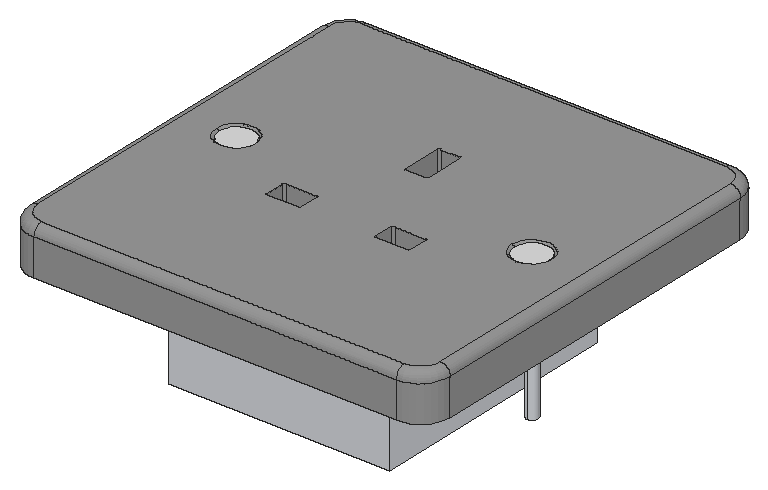
Revit family "ElectricalFixture_WiringAccessories_Hager_Sollysta_WMS81", category Electrical Fixtures, host Face, Revit 2015
Parameters (values of type "WMS81")
  Warranty ID = ""
  Voltage (Volts) = "230V/240V"
  Unique Reference = "WMS81"
  Type = "ElectricalFixture"
  Technical Description = "13A1GangUnswitchedSocket"
  Switch = no
  Supply Phase = "1"
  Size = ""
  Shipping Weight kg = "0.188"
  Shape = "Rectangular"
  Reference Standard = "BS 1363-2"
  Product URL = "http://www.hager.co.uk/product-catalogue/wiring-accessories/sollysta/white-moulded/white-moulded-sockets/58428.htm"
  Product Range = "Sollysta"
  Product Model Number = "WMS81"
  Product Literature = "http://www.hager.co.uk/product-catalogue/wiring-accessories/sollysta/38662.htm"
  Product Group = "WiringAccessories"
  Product Family = "WhiteMouldedSockets_UnswitchedSockets"
  Packaging Recyclable = yes
  Overall Width = 0.0 mm
  Overall Length = 86.0 mm
  Overall Height = 86.0 mm
  Overall Depth = 26.07 mm
  Operation and Maintenance Manual = ""
  Name = "WhiteMouldedSocket_WMS81"
  Measurement Units = "mm"
  Material = Urea Formaldehyde Thermoset Plastic
  Manufacturer Website = "http://www.hager.co.uk/"
  Manufacturer Country = "United Kingdom"
  Manufacturer = "Hager"
  LED Indicator Switch = yes
  Gross Weight kg = "0.165"
  Frequency = "50/60Hz"
  Finish = "Gloss"
  Features = "13A1GangUnswitchedSocket"
  Extrusion From Wall = 11.921 mm
  Expected Life = "25 years"
  EAN Code = "5015652261049"
  Design Country = "China"
  Description = "13A1GangUnswitchedSocket"
  Default Elevation = 1219.2 mm
  Colour = "SollystaWhite"
  CE Approval = yes
Reference planes
  plane 1 "Center (Front/Back)": y = 0
  plane 2: z = 0
  plane 3 "Center (Left/Right)": x = 0
  plane 4: y = -43
  plane 5: y = 43
  plane 6: x = -137
  plane 7: x = -51
  plane 8: z = 9.47
  plane 9: z = -16.6
  plane 10: z = 11.921
  plane 11: y = -471.393
  plane 12: z = -20.53
  plane 13: x = -124.15
  plane 14: x = -63.85
  plane 15: x = -93.992
Forms (mm)
  Extrusion 1, solid, material "Urea Formaldehyde Thermoset Plastic", detail levels fine
    sketch origin (0, 0, 0) x (1, 0, 0) y (0, 1, 0)
      loop
        arc (-137, -37.005) -> (-135.244, -41.244) -> (-131.005, -43) r 5.995
        line (-131.005, -43) -> (-57.017, -43)
        arc (-57.017, -43) -> (-52.762, -41.238) -> (-51, -36.983) r 6.017
        line (-51, -36.983) -> (-51, 37.035)
        arc (-51, 37.035) -> (-52.747, 41.253) -> (-56.965, 43) r 5.965
        line (-56.965, 43) -> (-131.018, 43)
        arc (-131.018, 43) -> (-135.248, 41.248) -> (-137, 37.018) r 5.982
        line (-137, 37.018) -> (-137, -37.005)
      loop
        line (-108.755, -7.762) -> (-108.755, -11.51)
        arc (-108.755, -11.51) -> (-108.609, -11.862) -> (-108.256, -12.008) r 0.499
        line (-108.256, -12.008) -> (-102.115, -12.008)
        arc (-102.115, -12.008) -> (-101.738, -11.852) -> (-101.582, -11.476) r 0.532
        line (-101.582, -11.476) -> (-101.582, -7.736)
        arc (-101.582, -7.736) -> (-101.733, -7.371) -> (-102.097, -7.221) r 0.515
        line (-102.097, -7.221) -> (-108.213, -7.221)
        arc (-108.213, -7.221) -> (-108.596, -7.379) -> (-108.755, -7.762) r 0.542
      loop
        line (-86.537, -7.762) -> (-86.537, -11.51)
        arc (-86.537, -11.51) -> (-86.391, -11.862) -> (-86.038, -12.008) r 0.499
        line (-86.038, -12.008) -> (-79.897, -12.008)
        arc (-79.897, -12.008) -> (-79.52, -11.852) -> (-79.364, -11.476) r 0.532
        line (-79.364, -11.476) -> (-79.364, -7.736)
        arc (-79.364, -7.736) -> (-79.515, -7.371) -> (-79.879, -7.221) r 0.515
        line (-79.879, -7.221) -> (-85.995, -7.221)
        arc (-85.995, -7.221) -> (-86.378, -7.379) -> (-86.537, -7.762) r 0.542
      loop
        line (-96.479, 16.483) -> (-96.479, 8.628)
        arc (-96.479, 8.628) -> (-96.333, 8.274) -> (-95.979, 8.127) r 0.501
        line (-95.979, 8.127) -> (-92.265, 8.127)
        arc (-92.265, 8.127) -> (-91.882, 8.286) -> (-91.724, 8.669) r 0.542
        line (-91.724, 8.669) -> (-91.724, 16.48)
        arc (-91.724, 16.48) -> (-91.871, 16.835) -> (-92.225, 16.982) r 0.502
        line (-92.225, 16.982) -> (-95.981, 16.982)
        arc (-95.981, 16.982) -> (-96.333, 16.836) -> (-96.479, 16.483) r 0.499
      loop
        circle (-124.15, 0) r 3.228
      loop
        circle (-63.85, 0) r 3.228
    from 0 to 9.47
  Sweep 2, void
    path origin (0, 0, 0) x (1, 0, 0) y (0, 1, 0)
      loop
        line (-137, 37.018) -> (-137, -37.005)
        arc (-137, -37.005) -> (-135.244, -41.244) -> (-131.005, -43) r 5.995
        line (-131.005, -43) -> (-57.017, -43)
        arc (-57.017, -43) -> (-52.762, -41.238) -> (-51, -36.983) r 6.017
        line (-51, -36.983) -> (-51, 37.035)
        arc (-51, 37.035) -> (-52.747, 41.253) -> (-56.965, 43) r 5.965
        line (-56.965, 43) -> (-131.018, 43)
        arc (-131.018, 43) -> (-135.248, 41.248) -> (-137, 37.018) r 5.982
    profile origin (-137, 0.007, 0) x (1, 0, 0) y (0, 0, 1)
      loop
        line (0, 9.47) -> (0, 7.462)
        arc (0, 7.462) -> (0.588, 8.882) -> (2.008, 9.47) r 2.008
        line (2.008, 9.47) -> (0, 9.47)
  Sweep 3, void
    path origin (0, 0, 0) x (1, 0, 0) y (0, 1, 0)
      loop
        circle (-63.85, 0) r 3.228
    profile origin (-63.85, 3.228, 0) x (0, -1, 0) y (0, 0, 1)
      loop
        line (0, 9.47) -> (-0.814, 9.47)
        arc (-0.814, 9.47) -> (-0.347, 9.123) -> (0, 8.656) r 2
        line (0, 8.656) -> (0, 9.47)
  Sweep 4, void
    path origin (0, 0, 0) x (1, 0, 0) y (0, 1, 0)
      loop
        circle (-124.15, 0) r 3.228
    profile origin (-124.15, 3.228, 0) x (0, 1, 0) y (0, 0, 1)
      loop
        line (0, 9.47) -> (0, 8.656)
        arc (0, 8.656) -> (0.346, 9.124) -> (0.814, 9.47) r 1.964
        line (0.814, 9.47) -> (0, 9.47)
  Extrusion 5, solid, material "Steel, Chrome Plated", detail levels fine
    sketch origin (0, 0, 0) x (1, 0, 0) y (0, 1, 0)
      loop
        circle (-124.15, 0) r 3.542
    from -1.167 to 9.196
  Extrusion 6, solid, material "Steel, Chrome Plated", detail levels fine
    sketch origin (0, 0, 0) x (-1, 0, 0) y (0, -1, 0)
      loop
        circle (63.85, 0) r 3.542
    from -1.167 to 9.196
  Extrusion 7, solid, material "Urea Formaldehyde Thermoset Plastic", detail levels medium
    sketch origin (0, 0, 0) x (1, 0, 0) y (0, 1, 0)
      loop
        line (-137, 43) -> (-137, -43) -> (-51, -43) -> (-51, 43) -> (-137, 43)
    from 0 to 9.47
  Extrusion 8, solid
    sketch origin (-184.307, 0, -1.167) x (0, 1, 0) y (-1, 0, 0)
      loop
        circle (0, -60.15) r 1.2
    from 0 to 19.363
  Extrusion 9, solid
    sketch origin (0, 0, -1.167) x (0, -1, 0) y (1, 0, 0)
      loop
        circle (0, -63.85) r 1.2
    from 0 to 19.363
  Extrusion 10, solid, material "Urea Formaldehyde Thermoset Plastic", detail levels medium
    sketch origin (0, 0, 0) x (1, 0, 0) y (0, 1, 0)
      loop
        line (-137, -43) -> (-51, -43) -> (-51, 43) -> (-137, 43) -> (-137, -43)
    from 0 to 9.47
  Extrusion 11, solid
    sketch origin (0, 0, 0) x (1, 0, 0) y (0, 1, 0)
      loop
        line (-115.588, 25.039) -> (-115.588, -27.966) -> (-70.588, -27.966) -> (-70.588, 25.039) -> (-115.588, 25.039)
    from -20.53 to 0
Cuts and joins
  Sweep 2, Sweep 3, Sweep 4 cuts Extrusion 1
Lines and regions (mm)
  symbolic lines, style "ElectricalFixtures", not visible, detail levels coarse
    curve 1: line (133.057, -504.912, 19.451) -> (63.057, -504.912, 19.451)
    curve 2: arc (133.057, -504.912, 19.451) -> (98.057, -504.912, 54.451) -> (63.057, -504.912, 19.451) r 35
  symbolic lines, style "ElectricalFixtures", detail levels coarse
    curve 3: line (-130.979, -504.912, 0) -> (-60.979, -504.912, 0)
    curve 4: arc (-130.979, -504.912, 0) -> (-95.979, -504.912, 35) -> (-60.979, -504.912, 0) r 35
  model lines, detail levels coarse
    curve 5: line (-137, 43, 0) -> (-51, 43, 0)
    curve 6: line (-137, -43, 0) -> (-137, 43, 0)
    curve 7: line (-51, -43, 0) -> (-137, -43, 0)
    curve 8: line (-51, 43, 0) -> (-51, -43, 0)
    curve 9: arc (-120.108, 0, 0) -> (-124.15, -4.042, 0) -> (-128.192, 0, 0) r 4.042
    curve 10: arc (-128.192, 0, 0) -> (-124.15, 4.042, 0) -> (-120.108, 0, 0) r 4.042
    curve 11: line (-97.479, 8.628, 0) -> (-97.479, 16.483, 0)
    curve 12: arc (-97.479, 16.483, 0) -> (-97.04, 17.543, 0) -> (-95.981, 17.981, 0) r 1.498
    curve 13: line (-95.981, 17.981, 0) -> (-92.225, 17.981, 0)
    curve 14: arc (-92.225, 17.981, 0) -> (-91.164, 17.542, 0) -> (-90.724, 16.48, 0) r 1.502
    curve 15: line (-90.724, 16.48, 0) -> (-90.724, 8.669, 0)
    curve 16: arc (-90.724, 8.669, 0) -> (-91.175, 7.579, 0) -> (-92.265, 7.127, 0) r 1.542
    curve 17: line (-92.265, 7.127, 0) -> (-95.979, 7.127, 0)
    curve 18: arc (-95.979, 7.127, 0) -> (-97.04, 7.567, 0) -> (-97.479, 8.628, 0) r 1.501
    curve 19: line (-100.605, -7.736, 0) -> (-100.605, -11.476, 0)
    curve 20: arc (-100.605, -11.476, 0) -> (-101.047, -12.544, 0) -> (-102.115, -12.986, 0) r 1.51
    curve 21: line (-102.115, -12.986, 0) -> (-108.256, -12.986, 0)
    curve 22: arc (-108.256, -12.986, 0) -> (-109.3, -12.553, 0) -> (-109.733, -11.51, 0) r 1.476
    curve 23: line (-109.733, -11.51, 0) -> (-109.733, -7.762, 0)
    curve 24: arc (-109.733, -7.762, 0) -> (-109.288, -6.688, 0) -> (-108.213, -6.243, 0) r 1.519
    curve 25: line (-108.213, -6.243, 0) -> (-102.097, -6.243, 0)
    curve 26: arc (-102.097, -6.243, 0) -> (-101.042, -6.68, 0) -> (-100.605, -7.736, 0) r 1.493
    curve 27: line (-87.515, -11.51, 0) -> (-87.515, -7.762, 0)
    curve 28: arc (-87.515, -7.762, 0) -> (-87.07, -6.688, 0) -> (-85.995, -6.243, 0) r 1.519
    curve 29: line (-85.995, -6.243, 0) -> (-79.879, -6.243, 0)
    curve 30: arc (-79.879, -6.243, 0) -> (-78.824, -6.68, 0) -> (-78.387, -7.736, 0) r 1.493
    curve 31: line (-78.387, -7.736, 0) -> (-78.387, -11.476, 0)
    curve 32: arc (-78.387, -11.476, 0) -> (-78.829, -12.544, 0) -> (-79.897, -12.986, 0) r 1.51
    curve 33: line (-79.897, -12.986, 0) -> (-86.038, -12.986, 0)
    curve 34: arc (-86.038, -12.986, 0) -> (-87.082, -12.553, 0) -> (-87.515, -11.51, 0) r 1.476
    curve 35: arc (-59.808, 0, 0) -> (-63.85, -4.042, 0) -> (-67.892, 0, 0) r 4.042
    curve 36: arc (-67.892, 0, 0) -> (-63.85, 4.042, 0) -> (-59.808, 0, 0) r 4.042
Dimensions and locks
  plane 10 to plane 9 = 28.521 mm
  plane 8 to plane 9 = 26.07 mm
  plane 2 to plane 9 = 16.6 mm
  "Overall Length": plane 6 to plane 7
  "Overall Height": plane 4 to plane 5
  "Overall Depth": plane 9 to plane 8
  plane 2 to plane 10 = 11.921 mm
  plane 8 to plane 12 = 30.0 mm
  aligned and locked: plane 2 to host face
  aligned and locked: level to host face
  aligned and locked: Extrusion 1 to plane 8
  aligned and locked: Extrusion 7 to plane 8
  aligned and locked: Extrusion 6 to Extrusion 8
  aligned and locked: Extrusion 9 to Extrusion 5
  aligned and locked: plane 12 to Extrusion 9
  aligned and locked: Extrusion 10 to plane 8
  aligned and locked: Extrusion 10 to level
  aligned and locked: Extrusion 8 to Extrusion 11
  aligned and locked: level to Extrusion 11
Automatic sketch dimensions
  host sketch curve to host sketch curve = 2438.4 mm  (x2)
  Sweep 2 sketch curve to plane 6 = 0.0 mm
  plane 5 to Sweep 2 sketch curve = 0.0 mm
  plane 4 to Sweep 2 sketch curve = 0.0 mm
  Sweep 2 sketch curve to Sweep 2 sketch curve = 5.982 mm
  plane 6 to Sweep 2 sketch curve = 5.995 mm
  Sweep 2 sketch curve to plane 7 = 6.017 mm
  Sweep 2 sketch curve to plane 7 = 5.965 mm
  plane 7 to Sweep 2 sketch curve = 0.0 mm
  profile plane to Sweep 2 sketch curve = 0.0 mm
  Sweep 2 sketch curve to Sweep 2 sketch curve = 2.008 mm
  level to Sweep 2 sketch curve = 7.462 mm
  plane 1 "Center (Front/Back)" to Sweep 3 sketch curve = 0.0 mm
  Sweep 3 sketch curve to plane 14 = 0.0 mm
  Sweep 3 sketch curve to profile plane = 0.0 mm
  Sweep 3 sketch curve to Sweep 3 sketch curve = 0.814 mm
  profile plane to Sweep 3 sketch curve = 1.761 mm
  level to Sweep 3 sketch curve = 7.709 mm
  Sweep 3 sketch curve to Sweep 3 sketch curve = 0.947 mm
  Sweep 4 sketch curve to Sweep 4 sketch curve = 0.0 mm  (x2)
  plane 1 "Center (Front/Back)" to Sweep 4 sketch curve = 0.0 mm
  Sweep 4 sketch curve to plane 13 = 0.0 mm
  Sweep 4 sketch curve to plane 13 = 3.228 mm
  Sweep 4 sketch curve to profile plane = 0.0 mm
  Sweep 4 sketch curve to profile plane = 0.814 mm
  Sweep 4 sketch curve to profile plane = 1.735 mm
  level to Sweep 4 sketch curve = 7.735 mm
  Sweep 4 sketch curve to Sweep 4 sketch curve = 0.921 mm
  Extrusion 5 sketch curve to Extrusion 5 sketch curve = 0.0 mm  (x2)
  plane 1 "Center (Front/Back)" to Extrusion 5 sketch curve = 0.0 mm
  Extrusion 5 sketch curve to plane 13 = 0.0 mm
  Extrusion 5 sketch curve to plane 13 = 3.542 mm
  Extrusion 6 sketch curve to Extrusion 6 sketch curve = 0.0 mm  (x2)
  plane 1 "Center (Front/Back)" to Extrusion 6 sketch curve = 0.0 mm
  plane 14 to Extrusion 6 sketch curve = 0.0 mm
  Extrusion 6 sketch curve to plane 14 = 3.542 mm
  plane 4 to Extrusion 7 sketch curve = 0.0 mm
  Extrusion 7 sketch curve to plane 6 = 0.0 mm
  Extrusion 7 sketch curve to plane 7 = 0.0 mm
  plane 5 to Extrusion 7 sketch curve = 0.0 mm
  plane 5 to Extrusion 10 sketch curve = 0.0 mm
  Extrusion 10 sketch curve to plane 6 = 0.0 mm
  Extrusion 10 sketch curve to plane 7 = 0.0 mm
  plane 4 to Extrusion 10 sketch curve = 0.0 mm
  curve 9 to curve 10 = 0.0 mm  (x2)
  curve 35 to curve 36 = 0.0 mm  (x2)
  plane 4 to curve 7 = 0.0 mm
  curve 7 to plane 6 = 0.0 mm
  plane 1 "Center (Front/Back)" to curve 9 = 0.0 mm
  curve 10 to plane 13 = 0.0 mm
  plane 1 "Center (Front/Back)" to curve 36 = 0.0 mm
  curve 36 to plane 14 = 0.0 mm
  plane 5 to curve 8 = 0.0 mm
  curve 8 to plane 7 = 0.0 mm
  plane 13 to curve 23 = 14.417 mm
  curve 23 to curve 22 = 1.476 mm
  curve 24 to curve 25 = 1.519 mm
  curve 22 to curve 20 = 6.142 mm
  curve 20 to curve 26 = 0.017 mm
  curve 20 to curve 19 = 1.51 mm
  curve 11 to plane 1 "Center (Front/Back)" = 8.628 mm
  curve 26 to curve 11 = 4.618 mm
  curve 11 to curve 12 = 1.498 mm
  curve 11 to curve 17 = 1.501 mm
  curve 16 to plane 1 "Center (Front/Back)" = 8.669 mm
  curve 18 to curve 16 = 3.713 mm
  curve 13 to curve 15 = 1.502 mm
  curve 19 to curve 27 = 13.09 mm
  curve 34 to curve 34 = 1.476 mm
  curve 27 to curve 29 = 1.519 mm
  curve 34 to curve 32 = 6.142 mm
  curve 32 to curve 30 = 0.017 mm
  curve 30 to curve 31 = 1.493 mm
  curve 33 to plane 4 = 30.014 mm
  curve 21 to plane 4 = 30.014 mm
  curve 22 to curve 24 = 3.747 mm
  curve 34 to curve 27 = 3.747 mm
  curve 14 to plane 1 "Center (Front/Back)" = 16.48 mm
  curve 9 to plane 13 = 4.042 mm
  curve 36 to curve 35 = 4.042 mm
  Extrusion 1 sketch curve to plane 6 = 0.0 mm
  plane 5 to Extrusion 1 sketch curve = 0.0 mm
  plane 4 to Extrusion 1 sketch curve = 0.0 mm
  plane 1 "Center (Front/Back)" to Extrusion 1 sketch curve = 0.0 mm  (x2)
  Extrusion 1 sketch curve to plane 13 = 0.0 mm
  Extrusion 1 sketch curve to plane 14 = 0.0 mm
  plane 6 to Extrusion 1 sketch curve = 5.982 mm
  Extrusion 1 sketch curve to plane 4 = 5.995 mm
  plane 13 to Extrusion 1 sketch curve = 15.395 mm
  Extrusion 1 sketch curve to Extrusion 1 sketch curve = 0.499 mm  (x3)
  Extrusion 1 sketch curve to Extrusion 1 sketch curve = 0.542 mm  (x3)
  Extrusion 1 sketch curve to Extrusion 1 sketch curve = 6.142 mm  (x2)
  Extrusion 1 sketch curve to Extrusion 1 sketch curve = 0.017 mm  (x2)
  Extrusion 1 sketch curve to Extrusion 1 sketch curve = 0.532 mm  (x2)
  Extrusion 1 sketch curve to plane 1 "Center (Front/Back)" = 8.628 mm
  Extrusion 1 sketch curve to Extrusion 1 sketch curve = 5.618 mm
  Extrusion 1 sketch curve to Extrusion 1 sketch curve = 0.501 mm
  Extrusion 1 sketch curve to Extrusion 1 sketch curve = 3.713 mm
  Extrusion 1 sketch curve to Extrusion 1 sketch curve = 3.755 mm
  Extrusion 1 sketch curve to Extrusion 1 sketch curve = 15.045 mm
  Extrusion 1 sketch curve to plane 7 = 6.017 mm
  Extrusion 1 sketch curve to plane 7 = 5.965 mm
  plane 7 to Extrusion 1 sketch curve = 0.0 mm
  plane 1 "Center (Front/Back)" to Extrusion 1 sketch curve = 12.008 mm  (x2)
  Extrusion 1 sketch curve to Extrusion 1 sketch curve = 3.747 mm  (x2)
  Extrusion 1 sketch curve to Extrusion 1 sketch curve = 7.811 mm
  curve 3 to curve 4 = 35.0 mm
  curve 1 to curve 2 = 35.0 mm
  plane 13 to Extrusion 11 sketch curve = 8.562 mm
  Extrusion 11 sketch curve to plane 14 = 6.738 mm
  Extrusion 11 sketch curve to plane 4 = 15.034 mm
  plane 5 to Extrusion 11 sketch curve = 17.961 mm
  radius of Sweep 3 sketch curve = 3.228 mm
  radius of Extrusion 8 sketch curve = 1.2 mm
  radius of Extrusion 9 sketch curve = 1.2 mm
  radius of Extrusion 1 sketch curve = 3.228 mm  (x2)
Connectors
  electrical at (-94.001, 0.008, 0)
    settings: on cut or joined group of Extrusion 1, Sweep 2, Sweep 3, Sweep 4, index 1, voltage 230 V, apparent load 0 VA, apparent load phase1 0 VA, apparent load phase2 0 VA, apparent load phase3 0 VA, power factor 1, load classification "Other", number of poles 1, system type 31, power factor state 1, is connector primary yes, connector utility no, sub classification motor no, connector description ""
